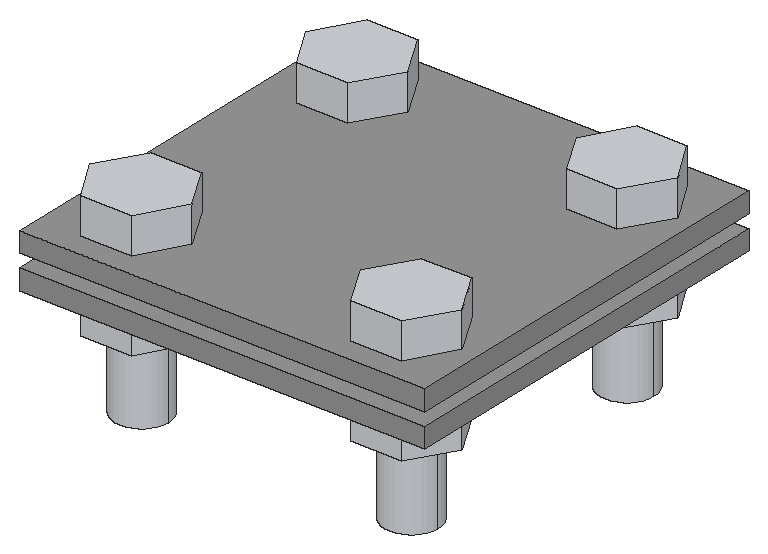
Revit family "DIN-Kreuzverbinder für Flachleiter VA-V4A", category Generic Models, Revit 2015
Parameters (values of type "256 A-DIN 30 V4A")
  Width 2 = 12.5 mm
  Width 1 = 20 mm
  Width = 60 mm
  URL = "http://www.obo-bettermann.com"
  Material = Stainless Steel
  Manufacturer Art.No. = "5314659"
  Manufacturer = "OBO Bettermann"
  Length 2 = 13.5 mm
  Length 1 = 20 mm
  Length = 60 mm
  Height 1 = 2 mm
  Height = 3 mm
  GTIN = "4012195893080"
  Article Type = "256 A-DIN 30 V4A"
Types (3, lengths in mm): name | Manufacturer Art.No. | GTIN | Article Type
  (no name) | "5314659" | "4012195893080" | "256 A-DIN 30 V4A"
  256 A-DIN 30 VA | "5314720" | "4012195925873" | "256 A-DIN 30 VA"
  256 A-DIN 30 V4A | "5314659" | "4012195893080" | "256 A-DIN 30 V4A"
Reference planes
  plane 1 "Center (Front/Back)": y = 0
  plane 2: z = 0
  plane 3 "Center (Left/Right)": x = 0
  plane 4: z = 1
  plane 5: z = -1
  plane 6: z = 4
  plane 7: z = -4
  plane 8: z = -21
  plane 9: z = 9.3
  plane 10: z = -9.3
Forms (mm)
  Extrusion 1, solid, material "Stainless Steel" <- "Material"
    sketch origin (0, 0, 0) x (1, 0, 0) y (0, 1, 0)
      loop
        line (-30, 30) -> (-30, -30) -> (30, -30) -> (30, 30) -> (-30, 30)
    from 1 to 4
  Extrusion 2, solid, material "Stainless Steel" <- "Material"
    sketch origin (0, 0, 0) x (1, 0, 0) y (0, 1, 0)
      loop
        line (-30, 30) -> (-30, -30) -> (30, -30) -> (30, 30) -> (-30, 30)
    from -4 to -1
  Extrusion 3, solid
    sketch origin (0, 0, 0) x (1, 0, 0) y (0, 1, 0)
      loop
        circle (-20, -20) r 4
      loop
        circle (20, -20) r 4
      loop
        circle (20, 20) r 4
      loop
        circle (-20, 20) r 4
    from -21 to 4
  Extrusion 4, solid
    sketch origin (0, 0, 0) x (1, 0, 0) y (0, 1, 0)
      loop
        line (-16.279, 13.5) -> (-12.5, 20.045) -> (-16.279, 26.59) -> (-23.837, 26.59) -> (-27.615, 20.045) -> (-23.837, 13.5) -> (-16.279, 13.5)
    from 4 to 9.3
  Extrusion 5, solid
    sketch origin (0, 0, 0) x (1, 0, 0) y (0, 1, 0)
      loop
        line (23.75, 13.5) -> (27.5, 19.995) -> (23.75, 26.49) -> (16.25, 26.49) -> (12.5, 19.995) -> (16.25, 13.5) -> (23.75, 13.5)
    from 4 to 9.3
  Extrusion 6, solid
    sketch origin (0, 0, 0) x (1, 0, 0) y (0, 1, 0)
      loop
        line (-23.82, -13.5) -> (-27.594, -20.036) -> (-23.82, -26.571) -> (-16.273, -26.571) -> (-12.5, -20.036) -> (-16.273, -13.5) -> (-23.82, -13.5)
    from 4 to 9.3
  Extrusion 7, solid
    sketch origin (0, 0, 0) x (1, 0, 0) y (0, 1, 0)
      loop
        line (16.239, -13.5) -> (12.5, -19.976) -> (16.239, -26.452) -> (23.717, -26.452) -> (27.456, -19.976) -> (23.717, -13.5) -> (16.239, -13.5)
    from 4 to 9.3
  Extrusion 8, solid
    sketch origin (0, 0, 0) x (1, 0, 0) y (0, 1, 0)
      loop
        line (-16.279, 26.59) -> (-23.837, 26.59) -> (-27.615, 20.045) -> (-23.837, 13.5) -> (-16.279, 13.5) -> (-12.5, 20.045) -> (-16.279, 26.59)
      loop
        line (23.75, 26.49) -> (16.25, 26.49) -> (12.5, 19.995) -> (16.25, 13.5) -> (23.75, 13.5) -> (27.5, 19.995) -> (23.75, 26.49)
      loop
        line (23.717, -13.5) -> (16.239, -13.5) -> (12.5, -19.976) -> (16.239, -26.452) -> (23.717, -26.452) -> (27.456, -19.976) -> (23.717, -13.5)
      loop
        line (-16.273, -13.5) -> (-23.82, -13.5) -> (-27.594, -20.036) -> (-23.82, -26.571) -> (-16.273, -26.571) -> (-12.5, -20.036) -> (-16.273, -13.5)
    from -9.3 to -4
Dimensions and locks
  "Width": Extrusion 1 sketch curve to Extrusion 1 sketch curve
  "Length": Extrusion 1 sketch curve to Extrusion 1 sketch curve
  equal spacing: Extrusion 1 sketch curve, plane 3 "Center (Left/Right)", Extrusion 1 sketch curve
  equal spacing: Extrusion 1 sketch curve, plane 1 "Center (Front/Back)", Extrusion 1 sketch curve
  "Height 1": plane 4 to plane 5
  locked: plane 4 to level at 1
  "Height": plane 6 to plane 4
  "Height": plane 5 to plane 7
  plane 3 "Center (Left/Right)" to Extrusion 2 = 30 mm
  "Width 1": plane 3 "Center (Left/Right)" to Extrusion 3 sketch curve  (x2)
  "Length 1": Extrusion 3 sketch curve to plane 1 "Center (Front/Back)"  (x2)
  "Width 1": Extrusion 3 sketch curve to plane 3 "Center (Left/Right)"  (x2)
  "Length 1": plane 1 "Center (Front/Back)" to Extrusion 3 sketch curve  (x2)
  locked: plane 7 to plane 8 at 17
  locked: Extrusion 4 sketch curve to Extrusion 4 sketch curve at 13.09  (x3)
  "Length 2": plane 1 "Center (Front/Back)" to Extrusion 4 sketch curve
  "Width 2": Extrusion 4 sketch curve to plane 3 "Center (Left/Right)"
  locked: Extrusion 5 sketch curve to Extrusion 5 sketch curve at 12.99  (x3)
  "Length 2": plane 1 "Center (Front/Back)" to Extrusion 5 sketch curve
  "Width 2": plane 3 "Center (Left/Right)" to Extrusion 5 sketch curve
  locked: Extrusion 6 sketch curve to Extrusion 6 sketch curve at 13.071  (x3)
  "Length 2": Extrusion 6 sketch curve to plane 1 "Center (Front/Back)"
  "Width 2": Extrusion 6 sketch curve to plane 3 "Center (Left/Right)"
  locked: Extrusion 7 sketch curve to Extrusion 7 sketch curve at 12.952  (x3)
  "Length 2": Extrusion 7 sketch curve to plane 1 "Center (Front/Back)"
  "Width 2": plane 3 "Center (Left/Right)" to Extrusion 7 sketch curve
  locked: plane 9 to plane 6 at 5.3
  locked: plane 7 to plane 10 at 5.3
  radius of Extrusion 3 sketch curve = 4 mm  (x4)
  angle Extrusion 4 sketch curve to Extrusion 4 sketch curve = 120.00°  (x6)
  angle Extrusion 5 sketch curve to Extrusion 5 sketch curve = 120.00°  (x5)
  angle Extrusion 6 sketch curve to Extrusion 6 sketch curve = 120.00°  (x6)
  angle Extrusion 7 sketch curve to Extrusion 7 sketch curve = 120.00°  (x5)
  angle Extrusion 7 sketch curve to Extrusion 7 sketch curve = 60.00°
  aligned and locked: level to plane 2
  aligned and locked: Extrusion 1 to plane 4
  aligned and locked: plane 6 to Extrusion 1
  aligned and locked: Extrusion 2 sketch curve to Extrusion 1  (x4)
  aligned and locked: Extrusion 2 to plane 7
  aligned and locked: plane 5 to Extrusion 2
  aligned and locked: Extrusion 3 to plane 8
  aligned and locked: Extrusion 1 to Extrusion 3
  aligned and locked: Extrusion 7 to Extrusion 1
  aligned and locked: plane 9 to Extrusion 7
  aligned and locked: Extrusion 5 to Extrusion 7
  aligned and locked: Extrusion 5 to Extrusion 1
  aligned and locked: Extrusion 6 to Extrusion 1
  aligned and locked: Extrusion 5 to Extrusion 6
  aligned and locked: Extrusion 4 to Extrusion 1
  aligned and locked: Extrusion 5 to Extrusion 4
  aligned and locked: Extrusion 8 sketch curve to Extrusion 4  (x6)
  aligned and locked: Extrusion 8 sketch curve to Extrusion 5  (x6)
  aligned and locked: Extrusion 8 sketch curve to Extrusion 7  (x6)
  aligned and locked: Extrusion 8 sketch curve to Extrusion 6  (x6)
  aligned and locked: Extrusion 8 to plane 10
  aligned and locked: Extrusion 8 to Extrusion 2
Automatic sketch dimensions
  Extrusion 4 sketch curve to Extrusion 4 sketch curve = 3.779 mm
  Extrusion 5 sketch curve to Extrusion 5 sketch curve = 3.75 mm
  Extrusion 6 sketch curve to Extrusion 6 sketch curve = 3.773 mm
  Extrusion 7 sketch curve to Extrusion 7 sketch curve = 3.739 mm
